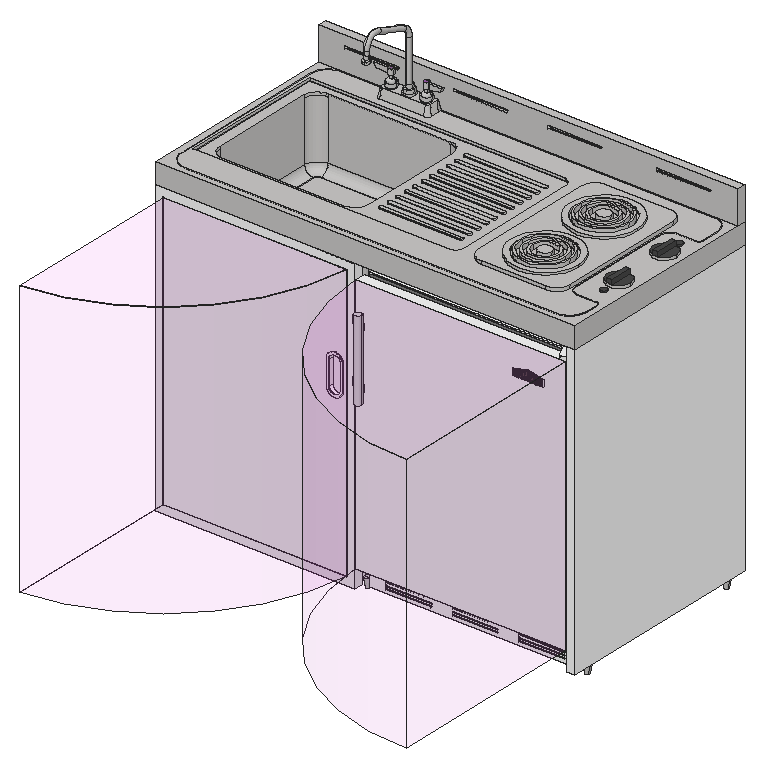
Revit family "QF_Summit_C48EL_Kitchenette", category Specialty Equipment, Revit 2020 (continued)
Automatic sketch dimensions
  curve 6 to curve 21 = 0.45523"
  plane 3 "LEFT" to curve 28 = 2.48357"
  curve 7 to plane 5 "FRONT" = 3/4"
  plane 3 "LEFT" to curve 7 = 2 3/4"
  curve 21 to curve 19 = 1.54477"
  curve 27 to curve 42 = 1"
  curve 41 to curve 41 = 1/2"
  curve 42 to curve 36 = 1/2"
  curve 44 to plane 8 "Center X" = 1/16"
  curve 27 to curve 44 = 6 7/8"
  plane 17 to curve 89 = 4.76643"
  plane 17 to curve 33 = 4.76643"
  plane 17 to curve 147 = 4.3311"
  curve 31 to curve 38 = 1/2"
  curve 33 to curve 87 = 1.18557"
  plane 17 to curve 74 = 2.08086"
  curve 71 to curve 73 = 0"
  curve 77 to curve 74 = 0"
  plane 8 "Center X" to curve 63 = 1.25006"
  curve 63 to curve 70 = 0"
  curve 65 to curve 62 = 0"
  plane 17 to curve 54 = 2.08086"
  curve 81 to curve 79 = 0"
  curve 32 to curve 45 = 1.18557"
  curve 59 to curve 61 = 0"
  curve 49 to curve 45 = 0"
  plane 7 "Center Y" to curve 53 = 5.77658"
  curve 52 to curve 53 = 0"
  curve 57 to curve 55 = 0"
  curve 47 to curve 52 = 0"
  curve 61 to curve 60 = 0"
  curve 80 to curve 63 = 0"
  curve 65 to curve 63 = 0"
  curve 88 to curve 79 = 0"
  curve 69 to curve 67 = 0"
  curve 84 to curve 79 = 0"
  curve 73 to curve 72 = 0"
  curve 87 to curve 26 = 0.55365"
  curve 46 to curve 23 = 0.55365"
  curve 23 to curve 24 = 1"
  curve 24 to curve 91 = 1.44874"
  curve 98 to curve 98 = 1 1/2"
  curve 91 to curve 93 = 1 1/2"
  curve 92 to curve 132 = 3.60818"
  curve 98 to curve 99 = 3.60818"
  curve 99 to curve 96 = 3.64955"
  plane 18 to curve 93 = 5.21331"
  curve 94 to curve 95 = 1 1/2"
  curve 94 to curve 13 = 1/4"
  curve 13 to curve 15 = 1"
  curve 95 to curve 11 = 1 1/4"
  plane 18 to curve 18 = 1 7/8"
  plane 18 to curve 7 = 1 7/8"
  plane 18 to curve 135 = 1.14399"
  plane 18 to curve 145 = 1.14399"
  plane 18 to curve 144 = 1.13087"
  plane 18 to curve 138 = 1.13087"
  plane 18 to curve 15 = 3/8"
  plane 18 to curve 10 = 3/8"
  curve 9 to plane 18 = 1/8"
  curve 17 to plane 18 = 1/8"
  plane 5 "FRONT" to curve 147 = 9.94855"
  curve 148 to curve 20 = 0.71169"
  curve 93 to plane 5 "FRONT" = 3.59285"
  curve 6 to curve 21 = 1.08389"
  curve 9 to curve 10 = 1.34658"
  curve 34 to plane 5 "FRONT" = 4 1/2"
  curve 33 to curve 87 = 0.12506"
  curve 88 to curve 88 = 0.21452"
  curve 12 to curve 146 = 1.05204"
  curve 85 to curve 83 = 0.75847"
  curve 83 to curve 84 = 0.21452"
  curve 124 to plane 8 "Center X" = 3.9596"
  curve 81 to curve 79 = 0.75847"
  curve 80 to curve 80 = 0.21452"
  curve 145 to curve 144 = 2.11677"
  curve 78 to curve 75 = 0.82097"
  curve 76 to curve 76 = 0.21452"
  curve 73 to curve 71 = 0.69597"
  curve 71 to curve 72 = 0.21452"
  plane 8 "Center X" to curve 67 = 0.12506"
  curve 68 to curve 68 = 0.21452"
  curve 63 to curve 62 = 0.21452"
  curve 61 to curve 59 = 0.75847"
  curve 59 to curve 60 = 0.21452"
  plane 8 "Center X" to curve 137 = 3.23461"
  curve 57 to curve 55 = 0.75847"
  curve 55 to curve 56 = 0.21452"
  plane 8 "Center X" to curve 100 = 4.3346"
  curve 53 to curve 51 = 0.75847"
  curve 51 to curve 52 = 0.21452"
  curve 137 to curve 135 = 2.11677"
  curve 135 to curve 13 = 0.24515"
  curve 28 to curve 19 = 3 1/8"
  curve 49 to curve 39 = 0.63341"
  curve 52 to curve 45 = 0.82097"
  curve 48 to curve 48 = 0.21452"
  curve 46 to curve 23 = 0.7173"
  curve 15 to curve 95 = 1.06418"
  plane 3 "LEFT" to curve 147 = 15/16"
  curve 30 to curve 43 = 0.1852"
  curve 90 to curve 30 = 0"
  curve 30 to curve 89 = 5/8"
  curve 90 to curve 40 = 5/8"
  curve 118 to curve 92 = 0.14182"
  curve 100 to curve 98 = 0.14182"
  curve 117 to curve 119 = 0.60587"
  curve 99 to curve 102 = 0.60587"
  curve 101 to curve 103 = 0.3026"
  curve 119 to curve 122 = 0.3026"
  curve 103 to curve 106 = 0.19427"
  curve 121 to curve 124 = 0.19427"
  curve 105 to curve 108 = 0.39726"
  curve 123 to curve 126 = 0.39726"
  curve 125 to curve 127 = 1/4"
  curve 107 to curve 110 = 1/4"
  curve 109 to curve 111 = 0.4162"
  curve 127 to curve 129 = 0.4162"
  curve 129 to curve 132 = 0.23743"
  curve 111 to curve 113 = 0.23743"
  curve 113 to curve 115 = 0.59637"
  curve 131 to curve 133 = 0.59637"
  curve 138 to curve 137 = 1.31391"
  curve 144 to curve 143 = 1.31391"
  curve 135 to curve 135 = 0.34597"
  curve 146 to curve 145 = 0.34597"
  curve 146 to curve 141 = 0.09346"
  curve 139 to curve 137 = 17/64"
  curve 141 to curve 142 = 17/32"
  curve 139 to curve 140 = 17/32"
  curve 43 to curve 43 = 1"
  plane 17 to Extrusion 35 sketch curve = 0"
  plane 18 to Extrusion 35 sketch curve = 0"
  Extrusion 35 sketch curve to plane 10 = 4 3/4"
  plane 11 to Extrusion 35 sketch curve = 4 3/4"
  radius of Extrusion 26 sketch curve = 3 3/4"  (x2)
  radius of Extrusion 26 sketch curve = 3.14413"  (x2)
  radius of Extrusion 27 sketch curve to Extrusion 26 = 0.3026"  (x2)
  radius of Extrusion 27 sketch curve to Extrusion 26 = 0.49687"  (x2)
  radius of Extrusion 27 sketch curve to Extrusion 26 = 0.89413"  (x2)
  radius of Extrusion 27 sketch curve to Extrusion 26 = 1.14413"  (x2)
  radius of Extrusion 27 sketch curve to Extrusion 26 = 1.56032"  (x2)
  radius of Extrusion 27 sketch curve to Extrusion 26 = 1.79775"  (x2)
  radius of Extrusion 27 sketch curve to Extrusion 26 = 2.39413"  (x2)
  radius of Extrusion 29 sketch curve = 3 3/4"  (x2)
  radius of Extrusion 29 sketch curve = 3.14413"  (x2)
  radius of Extrusion 30 sketch curve to Extrusion 29 = 0.3026"  (x2)
  radius of Extrusion 30 sketch curve to Extrusion 29 = 0.49687"  (x2)
  radius of Extrusion 30 sketch curve to Extrusion 29 = 0.89413"  (x2)
  radius of Extrusion 30 sketch curve to Extrusion 29 = 1.14413"  (x2)
  radius of Extrusion 30 sketch curve to Extrusion 29 = 1.56032"  (x2)
  radius of Extrusion 30 sketch curve to Extrusion 29 = 1.79775"  (x2)
  radius of Extrusion 30 sketch curve to Extrusion 29 = 2.39413"  (x2)
  radius of Extrusion 14 sketch curve = 1/8"
  radius of Extrusion 19 sketch curve to Extrusion 3 = 0"  (x3)
  radius of Extrusion 20 sketch curve = 1"
  radius of Extrusion 31 sketch curve = 1.31391"  (x2)
  radius of Extrusion 32 sketch curve to Extrusion 31 = 0"  (x4)
  radius of Extrusion 33 sketch curve = 0.34597"  (x2)
Nested families (in)
  nested 1: "CG_FISHER_TYPE 4" at (8, -1, 36.375), type "CG_FISHER_TYPE 4"
    with Type Mark "", Specification by User "", Revision Code "", Item Number "", Installed By "", Identify Quantity as Lot yes, Furnished By "", Foodservice Equipment Identifier yes
  nested 2: "Summit_CT661W" at (22.625, -0.25, 0), Left Hinged Door <- "Show LHD", type "Summit_CT661W"
    with Show Clearance yes, Right Hinged Door yes, Left Hinged Door no
Connectors (in)
  electrical at (45.25484, 0.25, 3.03956), driven by "Volts", driven by "Watts"
    settings: on Extrusion 14, index 2, voltage 115 V, apparent load 2875 VA, apparent load phase1 0 VA, apparent load phase2 0 VA, apparent load phase3 0 VA, power factor 1, load classification "Other", number of poles 1, system type 30, power factor state 1, is connector primary yes, connector utility no, sub classification motor no, connector description "Electrical Connection"
Definition of nested family "CG_FISHER_TYPE 4"
  Parameters (values of type "CG_FISHER_TYPE 4")
    Weight = ""
    URL Manufacturer = ""
    URL Cutsheet = ""
    URL = ""
    Type Mark [instance] = ""
    Specification by User [instance] = ""
    Specification by Manufacturer = ""
    Serial Number = ""
    Seismic Rating = ""
    SMACNA No = ""
    Revision Code [instance] = ""
    Omniclass Number and Title = ""
    NAFEM Spec ID Number = ""
    Model = ""
    MasterSpec. = ""
    Manufacturer = ""
    Item Number [instance] = ""
    Installed By [instance] = ""
    Identify Quantity as Lot [instance] = yes
    Furnished By [instance] = ""
    Foodservice Equipment Identifier [instance] = yes
    Default Elevation = 0"
    CSI MasterFormat = ""
    CSI Master Format = ""
  Reference planes (in)
    plane 1 "BACK": y = 0
    plane 2: z = 0
    plane 3 "LEFT": x = 0
    plane 4 "RIGHT": x = 6
    plane 5 "FRONT": y = -2
    plane 6 "TOP": z = 9.5
    plane 7: x = 3
    plane 8: x = 1
    plane 9: x = 5
    plane 10: z = 6.75
    plane 11: y = -1
    plane 12: y = -7
  Forms (in)
    Blend 1, solid
      base sketch origin (0, 0, 0) x (1, 0, 0) y (0, 1, 0)
        loop
          arc (0.5, 0) -> (0.14645, -0.14645) -> (0, -0.5) r 0.5
          line (0, -0.5) -> (0, -1.5)
          arc (0, -1.5) -> (0.14645, -1.85355) -> (0.5, -2) r 0.5
          line (0.5, -2) -> (5.5, -2)
          arc (5.5, -2) -> (5.85355, -1.85355) -> (6, -1.5) r 0.5
          line (6, -1.5) -> (6, -0.5)
          arc (6, -0.5) -> (5.85355, -0.14645) -> (5.5, 0) r 0.5
          line (5.5, 0) -> (0.5, 0)
      top sketch origin (0, 0, 0) x (1, 0, 0) y (0, 1, 0)
        loop
          line (5.5, -0.25) -> (0.5, -0.25)
          arc (0.5, -0.25) -> (0.32322, -0.32322) -> (0.25, -0.5) r 0.25
          line (0.25, -0.5) -> (0.25, -1.5)
          arc (0.25, -1.5) -> (0.32322, -1.67678) -> (0.5, -1.75) r 0.25
          line (0.5, -1.75) -> (5.5, -1.75)
          arc (5.5, -1.75) -> (5.67678, -1.67678) -> (5.75, -1.5) r 0.25
          line (5.75, -1.5) -> (5.75, -0.5)
          arc (5.75, -0.5) -> (5.67678, -0.32322) -> (5.5, -0.25) r 0.25
      from 0 to 1
    Extrusion 2, solid
      sketch origin (0, -0.09496, -3.5) x (1, 0, 0) y (0, 0, 1)
        loop
          line (4.82421, 6.36488) -> (4.82421, 5.7908) -> (5.75768, 5.80403) -> (6.42048, 5.89366)
          arc (6.42048, 5.89366) -> (6.70947, 6.05462) -> (6.82421, 6.36488) r 0.47687
          line (6.82421, 6.36488) -> (4.82421, 6.36488)
      from 0.77919 to 1.02919
    Revolve 3, solid
      sketch origin (-4.03517, -1, 0) x (1, 0, 0) y (0, 0, 1)
        loop
          line (5.03934, 1) -> (5.03934, 3.02505)
          arc (5.03934, 3.02505) -> (4.87585, 2.98746) -> (4.76133, 2.86488) r 0.2869
          line (4.76133, 2.86488) -> (4.76133, 2.2908) -> (4.87917, 2.2908) -> (4.87917, 1.83261)
          arc (4.87917, 1.83261) -> (4.65407, 1.74222) -> (4.60414, 1.50485) r 0.25731
          line (4.60414, 1.50485) -> (4.45379, 1.50485) -> (4.45379, 1.1768) -> (4.53934, 1.1768) -> (4.53934, 1) -> (5.03934, 1)
        axis (5.03934, 1) -> (5.03934, 3.02505)
      angle from 0 to 360
    Revolve 4, solid
      sketch origin (10.03517, -0.99916, 0) x (-1, 0, 0) y (0, 0, -1)
        loop
          line (5.03934, -1) -> (4.53934, -1) -> (4.53934, -1.1768) -> (4.45379, -1.1768) -> (4.45379, -1.50485) -> (4.60414, -1.50485)
          arc (4.60414, -1.50485) -> (4.65407, -1.74222) -> (4.87917, -1.83261) r 0.25731
          line (4.87917, -1.83261) -> (4.87917, -2.2908) -> (4.76133, -2.2908) -> (4.76133, -2.86488)
          arc (4.76133, -2.86488) -> (4.87585, -2.98746) -> (5.03934, -3.02505) r 0.2869
          line (5.03934, -3.02505) -> (5.03934, -1)
        axis (5.03934, -1) -> (5.03934, -3.02505)
      angle from 0 to 360
    Extrusion 5, solid
      sketch origin (6, -0.09496, -3.5) x (-1, 0, 0) y (0, 0, -1)
        loop
          line (4.82421, -6.36488) -> (6.82421, -6.36488)
          arc (6.82421, -6.36488) -> (6.70947, -6.05462) -> (6.42048, -5.89366) r 0.47687
          line (6.42048, -5.89366) -> (5.75768, -5.80403) -> (4.82421, -5.7908) -> (4.82421, -6.36488)
      from 0.77919 to 1.02919
    Revolve 6, solid
      sketch origin (0, -7, 0) x (1, 0, 0) y (0, 0, 1)
        loop
          line (3, 7.59291) -> (2.75, 7.59291) -> (2.75, 7.16874) -> (2.625, 6.95223) -> (2.625, 6.75) -> (3, 6.75) -> (3, 7.59291)
        axis (3, 6.75) -> (3, 7.59291)
      angle from 0 to 360
    Sweep 7, solid
      path origin (3, 0, 0) x (0, 1, 0) y (0, 0, 1)
        loop
          line (-7, 7.59291) -> (-7, 8.04139)
          arc (-7, 8.04139) -> (-6.46697, 9.06533) -> (-5.32247, 9.21601) r 1.25
          line (-5.32247, 9.21601) -> (-1.75198, 7.91645)
          arc (-1.75198, 7.91645) -> (-1.20668, 7.49803) -> (-1, 6.84252) r 1.14286
          line (-1, 6.84252) -> (-1, 2)
      profile origin (3, -7, 7.81715) x (0, -1, 0) y (1, 0, 0)
        loop
          circle (0, 0) r 0.25
    Revolve 8, solid
      sketch origin (8.03517, -0.9375, -3.5) x (-1, 0, 0) y (0, 0, -1)
        loop
          line (5.03934, -4.5) -> (4.40363, -4.5) -> (4.40363, -4.67045) -> (4.50358, -4.67045) -> (4.50358, -5.02398) -> (4.68786, -5.13038) -> (4.68786, -5.5) -> (5.03934, -5.5) -> (5.03934, -4.5)
        axis (5.03934, -4.5) -> (5.03934, -5.5)
      angle from 0 to 360
  Cuts and joins
    joined: Revolve 6, Sweep 7
  Lines and regions (in)
    symbolic lines
      curve 1: line (2.67337, -7.08919, 0) -> (2.67337, -1, 0)
      curve 2: line (3.29837, -7.08919, 0) -> (3.29837, -1, 0)
      curve 3: arc (3.29837, -1, 0) -> (2.98587, -0.6875, 0) -> (2.67337, -1, 0) r 0.3125
      curve 4: arc (3.29837, -1.40113, 0) -> (2.98587, -0.49151, 0) -> (2.67337, -1.40113, 0) r 0.50849
      curve 5: arc (3.29837, -1.5749, 0) -> (3.01791, -0.35019, 0) -> (2.67337, -1.55844, 0) r 0.6486
      curve 6: line (4.38304, -0.63916, 0) -> (5.00804, -0.27831, 0)
      curve 7: line (5.00804, -0.27831, 0) -> (5.63304, -0.63916, 0)
      curve 8: line (5.63304, -0.63916, 0) -> (5.63304, -1.26764, 0)
      curve 9: line (4.38304, -1.36084, 0) -> (4.38304, -0.63916, 0)
      curve 10: line (5.00804, -1.72169, 0) -> (4.38304, -1.36084, 0)
      curve 11: line (5.23435, -1.59103, 0) -> (5.00804, -1.72169, 0)
      curve 12: arc (5.53526, -1.17341, 0) -> (4.61465, -0.60851, 0) -> (5.18402, -1.52636, 0) r 0.555
      curve 13: arc (5.28147, -0.74178, 0) -> (4.74077, -0.73099, 0) -> (4.75156, -1.27169, 0) r 0.375
      curve 14: arc (4.75156, -1.27169, 0) -> (4.84744, -1.34648, 0) -> (4.96221, -1.38665, 0) r 0.375
      curve 15: arc (5.23435, -1.59103, 0) -> (5.11621, -1.46497, 0) -> (4.96221, -1.38665, 0) r 0.5
      curve 16: line (5.22231, -1.58455, 0) -> (6.43111, -2.61867, 0)
      curve 17: arc (6.43111, -2.61867, 0) -> (6.60796, -2.59971, 0) -> (6.62691, -2.42286, 0) r 0.14168
      curve 18: line (5.58934, -1.21683, 0) -> (6.62691, -2.42286, 0)
      curve 19: arc (5.39644, -0.95243, 0) -> (5.47064, -1.10086, 0) -> (5.58934, -1.21683, 0) r 0.5
      curve 20: arc (5.39644, -0.95243, 0) -> (5.35626, -0.83766, 0) -> (5.28147, -0.74178, 0) r 0.375
      curve 21: line (1.62658, -0.63916, 0) -> (1.00158, -0.27831, 0)
      curve 22: line (1.62658, -1.36084, 0) -> (1.62658, -0.63916, 0)
      curve 23: line (1.00158, -1.72169, 0) -> (1.62658, -1.36084, 0)
      curve 24: line (0.77192, -1.58909, 0) -> (1.00158, -1.72169, 0)
      curve 25: line (0.77192, -1.58909, 0) -> (-0.42292, -2.61705, 0)
      curve 26: arc (-0.61721, -2.42277, 0) -> (-0.59834, -2.59818, 0) -> (-0.42292, -2.61705, 0) r 0.1406
      curve 27: line (0.42029, -1.21683, 0) -> (-0.61721, -2.42277, 0)
      curve 28: arc (0.42029, -1.21683, 0) -> (0.53899, -1.10086, 0) -> (0.61319, -0.95243, 0) r 0.5
      curve 29: arc (1.04741, -1.38665, 0) -> (0.89898, -1.46086, 0) -> (0.78301, -1.57955, 0) r 0.5
      curve 30: arc (1.04741, -1.38665, 0) -> (1.16218, -1.34648, 0) -> (1.25806, -1.27169, 0) r 0.375
      curve 31: arc (1.25806, -1.27169, 0) -> (1.26885, -0.73099, 0) -> (0.72816, -0.74178, 0) r 0.375
      curve 32: arc (0.72816, -0.74178, 0) -> (0.65337, -0.83766, 0) -> (0.61319, -0.95243, 0) r 0.375
      curve 33: circle (1.00158, -1, 0) r 0.225 normal (0, 0, 1)
      curve 34: line (1.00158, -0.27831, 0) -> (0.37658, -0.63916, 0)
      curve 35: line (0.37658, -0.63916, 0) -> (0.37658, -1.26764, 0)
      curve 36: arc (0.82561, -1.52636, 0) -> (1.39498, -0.60851, 0) -> (0.47437, -1.17341, 0) r 0.555
      curve 37: arc (2.67337, -6.68325, 0) -> (2.98587, -7.60148, 0) -> (3.29837, -6.68325, 0) r 0.51229
      curve 38: arc (2.67337, -7.08919, 0) -> (2.98587, -7.40169, 0) -> (3.29837, -7.08919, 0) r 0.3125
      curve 39: line (3.29837, -2, 0) -> (5.51871, -2, 0)
      curve 40: line (6, -1.5, 0) -> (6, -0.5, 0)
      curve 41: line (5.5, 0, 0) -> (0.5, 0, 0)
      curve 42: line (0, -0.5, 0) -> (0, -1.5, 0)
      curve 43: line (0.5, -2, 0) -> (2.67337, -2, 0)
      curve 44: line (0.58489, -1.75, 0) -> (2.67337, -1.75, 0)
      curve 45: line (3.29837, -1.75, 0) -> (5.41571, -1.75, 0)
      curve 46: line (0.5, -0.25, 0) -> (5.5, -0.25, 0)
      curve 47: arc (5.75, -0.5, 0) -> (5.67678, -0.32322, 0) -> (5.5, -0.25, 0) r 0.25
      curve 48: arc (0.5, -0.25, 0) -> (0.32322, -0.32322, 0) -> (0.25, -0.5, 0) r 0.25
      curve 49: line (0.25, -1.41477, 0) -> (0.25, -0.5, 0)
      curve 50: line (5.75, -0.5, 0) -> (5.75, -1.40358, 0)
      curve 51: line (0.05911, -1.63665, 0) -> (0, -1.5, 0)
      curve 52: line (0.5, -2, 0) -> (0.35546, -1.94739, 0)
      curve 53: line (5.64118, -1.94289, 0) -> (5.51871, -2, 0)
      curve 54: line (5.94504, -1.63028, 0) -> (6, -1.5, 0)
      curve 55: arc (5.5, 0, 0) -> (5.85355, -0.14645, 0) -> (6, -0.5, 0) r 0.5
      curve 56: arc (0, -0.5, 0) -> (0.14645, -0.14645, 0) -> (0.5, 0, 0) r 0.5
      curve 57: circle (4.99842, -1, 0) r 0.225 normal (0, 0, -1)
  Dimensions and locks (in)
    equal spacing: plane 4 "RIGHT", plane 7, plane 3 "LEFT"
    plane 6 "TOP" to plane 2 = 9 1/2"
    aligned and locked: level to plane 2
  Automatic sketch dimensions
    Blend 1 sketch curve to plane 3 "LEFT" = 0"
    plane 5 "FRONT" to Blend 1 sketch curve = 0"
    plane 1 "BACK" to Blend 1 sketch curve = 0"
    Blend 1 sketch curve to plane 4 "RIGHT" = 0"
    plane 3 "LEFT" to Blend 1 sketch curve = 1/2"  (x2)
    Blend 1 sketch curve to plane 4 "RIGHT" = 1/2"  (x3)
    plane 1 "BACK" to Blend 1 sketch curve = 1/2"  (x2)
    plane 3 "LEFT" to Blend 1 sketch curve = 1/4"
    Blend 1 sketch curve to Blend 1 sketch curve = 1/4"  (x3)
    Blend 1 sketch curve to plane 5 "FRONT" = 1/4"
    plane 9 to Extrusion 2 sketch curve = 45/256"
    Extrusion 2 sketch curve to plane 4 "RIGHT" = 0.24232"
    plane 4 "RIGHT" to Extrusion 2 sketch curve = 0.34735"
    plane 4 "RIGHT" to Extrusion 2 sketch curve = 0.42048"
    Extrusion 2 sketch curve to plane 10 = 3.88512"
    Extrusion 2 sketch curve to Extrusion 2 sketch curve = 0.47687"
    Extrusion 2 sketch curve to Extrusion 2 sketch curve = 0.08963"
    Extrusion 2 sketch curve to Extrusion 2 sketch curve = 0.57408"
    plane 8 to Extrusion 5 sketch curve = 45/256"
    plane 3 "LEFT" to Extrusion 5 sketch curve = 0.24232"
    Extrusion 5 sketch curve to plane 3 "LEFT" = 0.34735"
    Extrusion 5 sketch curve to plane 3 "LEFT" = 0.42048"
    Extrusion 5 sketch curve to plane 10 = 3.88512"
    Extrusion 5 sketch curve to Extrusion 5 sketch curve = 0.47687"
    Extrusion 5 sketch curve to Extrusion 5 sketch curve = 0.08963"
    Extrusion 5 sketch curve to Extrusion 5 sketch curve = 0.57408"
    Revolve 6 sketch curve to plane 10 = 0"
    plane 7 to Revolve 6 sketch curve = 0"  (x2)
    Revolve 6 sketch curve to Revolve 6 sketch curve = 1/4"
    Revolve 6 sketch curve to Revolve 6 sketch curve = 1/8"
    plane 10 to Revolve 6 sketch curve = 0.20223"
    Revolve 6 sketch curve to Revolve 6 sketch curve = 0.21651"
    Revolve 6 sketch curve to Revolve 6 sketch curve = 0.42418"
    Revolve 6 sketch curve to Revolve 6 sketch curve = 0.09934"
    Revolve 6 sketch curve to Revolve 6 sketch curve = 0.33586"
    plane 7 to Revolve 8 sketch curve = 0.63154"
    Revolve 8 sketch curve to Revolve 8 sketch curve = 0.09994"
    Revolve 8 sketch curve to Revolve 8 sketch curve = 0.18428"
    Revolve 8 sketch curve to plane 7 = 0.00417"  (x2)
    Revolve 8 sketch curve to plane 10 = 3.2092"
    Revolve 8 sketch curve to plane 10 = 4 3/4"
    Revolve 8 sketch curve to Revolve 8 sketch curve = 0.5408"
    Revolve 8 sketch curve to Revolve 8 sketch curve = 0.36962"
    Revolve 8 sketch curve to Revolve 8 sketch curve = 0.1064"
    Revolve 8 sketch curve to Revolve 8 sketch curve = 0.35353"
    Revolve 8 sketch curve to Revolve 8 sketch curve = 0.17045"
    Revolve 3 sketch curve to plane 8 = 0.0161"
    Revolve 3 sketch curve to plane 8 = 0.156"
    Revolve 3 sketch curve to plane 8 = 0.18399"
    Revolve 3 sketch curve to Revolve 3 sketch curve = 0.11783"
    Revolve 3 sketch curve to Revolve 3 sketch curve = 0.24704"
    Revolve 3 sketch curve to plane 8 = 0.49583"
    Revolve 3 sketch curve to Revolve 3 sketch curve = 0.08555"
    plane 8 to Revolve 3 sketch curve = 0.00417"  (x2)
    level to Revolve 3 sketch curve = 1"
    Revolve 3 sketch curve to Revolve 3 sketch curve = 0.1768"
    Revolve 3 sketch curve to Revolve 3 sketch curve = 0.32805"
    Revolve 3 sketch curve to Revolve 3 sketch curve = 0.07197"
    Revolve 3 sketch curve to Revolve 3 sketch curve = 0.45819"
    Revolve 3 sketch curve to Revolve 3 sketch curve = 1/4"
    Revolve 3 sketch curve to Revolve 3 sketch curve = 0.19807"
    Revolve 3 sketch curve to Revolve 3 sketch curve = 0.12601"
    plane 10 to Revolve 3 sketch curve = 0.2908"
    Revolve 4 sketch curve to plane 9 = 0.0161"
    Revolve 4 sketch curve to plane 9 = 0.156"
    Revolve 4 sketch curve to plane 9 = 0.18399"
    Revolve 4 sketch curve to plane 9 = 0.27384"
    Revolve 4 sketch curve to Revolve 4 sketch curve = 0.24704"
    Revolve 4 sketch curve to plane 9 = 0.49583"
    Revolve 4 sketch curve to Revolve 4 sketch curve = 0.08555"
    plane 9 to Revolve 4 sketch curve = 0.00417"  (x2)
    level to Revolve 4 sketch curve = 1"
    Revolve 4 sketch curve to Revolve 4 sketch curve = 0.1768"
    Revolve 4 sketch curve to Revolve 4 sketch curve = 0.32805"
    Revolve 4 sketch curve to Revolve 4 sketch curve = 0.07197"
    Revolve 4 sketch curve to Revolve 4 sketch curve = 0.45819"
    Revolve 4 sketch curve to Revolve 4 sketch curve = 1/4"
    Revolve 4 sketch curve to Revolve 4 sketch curve = 0.19807"
    Revolve 4 sketch curve to Revolve 4 sketch curve = 0.12601"
    plane 10 to Revolve 4 sketch curve = 0.2908"
    curve 3 to curve 4 = 0"  (x2)
    curve 30 to curve 32 = 0"  (x2)
    curve 33 to curve 36 = 0"  (x2)
    curve 37 to curve 38 = 0"  (x2)
    curve 47 to curve 55 = 0"  (x2)
    curve 48 to curve 56 = 0"  (x2)
    curve 42 to plane 3 "LEFT" = 0"
    plane 5 "FRONT" to curve 43 = 0"
    plane 1 "BACK" to curve 56 = 0"
    curve 36 to plane 11 = 0"
    curve 3 to plane 11 = 0"
    plane 5 "FRONT" to curve 39 = 0"
    curve 57 to plane 11 = 0"
    curve 12 to plane 11 = 0"
    curve 54 to plane 4 "RIGHT" = 0"
    curve 26 to plane 3 "LEFT" = 0.42292"
    curve 26 to curve 25 = 0.07599"
    curve 27 to curve 26 = 0.11829"
    plane 3 "LEFT" to curve 51 = 0.05911"
    plane 3 "LEFT" to curve 28 = 0.13506"
    curve 56 to curve 49 = 1/4"
    curve 52 to plane 5 "FRONT" = 0.05261"
    plane 3 "LEFT" to curve 52 = 91/256"
    curve 49 to curve 35 = 0.12658"
    curve 35 to curve 28 = 0.04371"
    curve 28 to curve 36 = 0.05408"
    curve 52 to curve 43 = 37/256"
    curve 48 to curve 46 = 1/4"
    curve 43 to curve 44 = 0.08489"
    plane 11 to curve 28 = 0.04757"
    curve 36 to curve 28 = 0.13882"
    curve 28 to curve 32 = 0.11497"
    curve 24 to plane 8 = 0.22808"
    curve 24 to curve 29 = 0.01109"
    curve 29 to curve 36 = 0.0426"
    curve 32 to plane 8 = 0.01747"
    plane 8 to curve 36 = 0.00158"
    plane 8 to curve 21 = 0.00158"
    plane 8 to curve 23 = 0.00158"
    plane 8 to curve 31 = 0.00369"
    plane 8 to curve 30 = 0.04741"
    plane 8 to curve 29 = 0.19367"
    curve 29 to curve 31 = 0.21065"
    plane 8 to curve 22 = 0.62658"
    curve 1 to plane 12 = 0.08919"
    curve 1 to plane 7 = 0.32663"
    curve 37 to plane 7 = 0.01413"
    plane 7 to curve 5 = 0.00083"
    plane 9 to curve 6 = 0.61696"
    plane 9 to curve 13 = 0.24844"
    plane 9 to curve 15 = 0.18405"
    plane 9 to curve 15 = 0.03779"
    plane 9 to curve 57 = 0.00158"
    plane 11 to curve 13 = 0.00384"
    curve 13 to plane 9 = 0.00594"
    curve 11 to plane 9 = 0.00804"
    curve 7 to plane 9 = 0.00804"
    curve 13 to curve 12 = 0.00211"
    curve 12 to curve 20 = 0.01905"
    curve 20 to curve 14 = 0"
    curve 12 to plane 9 = 0.18402"
    curve 12 to curve 16 = 0.0383"
    curve 16 to curve 15 = 0.01204"
    curve 13 to plane 9 = 0.28147"
    plane 11 to curve 19 = 0.04757"
    curve 13 to curve 19 = 0.11497"
    curve 11 to curve 45 = 0.18136"
    curve 41 to plane 4 "RIGHT" = 1/2"
    curve 45 to curve 39 = 0.103"
    curve 12 to plane 11 = 0.17341"
    curve 20 to curve 12 = 0.13882"
    curve 12 to curve 19 = 0.05408"
    curve 18 to curve 8 = 0.04371"
    curve 53 to plane 5 "FRONT" = 0.05711"
    curve 39 to curve 53 = 0.12247"
    curve 19 to plane 4 "RIGHT" = 0.12544"
    curve 54 to plane 4 "RIGHT" = 0.05496"
    plane 4 "RIGHT" to curve 17 = 0.43111"
    curve 16 to curve 17 = 0.07667"
    curve 17 to curve 18 = 0.11914"
    plane 12 to curve 37 = 0.31675"
    plane 5 "FRONT" to curve 17 = 0.61867"
    plane 5 "FRONT" to curve 26 = 0.61705"
    curve 17 to curve 17 = 0.11914"
    curve 25 to curve 26 = 0.11829"
    curve 15 to plane 5 "FRONT" = 0.13522"
    curve 29 to plane 5 "FRONT" = 0.13522"
    curve 29 to curve 24 = 0.14309"
    curve 15 to curve 10 = 0.14309"
    curve 52 to curve 51 = 0.31074"
    curve 45 to curve 5 = 0.1751"
    curve 44 to curve 5 = 0.19156"
    curve 51 to curve 51 = 0.13665"
    curve 54 to curve 54 = 0.13028"
    curve 5 to curve 4 = 0.15731"
    curve 9 to plane 11 = 0.36084"
    curve 22 to plane 11 = 0.36084"
    curve 29 to curve 30 = 0.11497"
    curve 14 to curve 13 = 0.11497"
    plane 11 to curve 21 = 0.36084"
    plane 11 to curve 6 = 0.36084"
    curve 8 to curve 47 = 0.13916"
    curve 34 to curve 48 = 0.13916"
    plane 1 "BACK" to curve 34 = 0.27831"
    plane 1 "BACK" to curve 7 = 0.27831"
    Sweep 7 sketch curve to profile plane = 0"  (x2)
    Sweep 7 sketch curve to plane 12 = 0"
    Sweep 7 sketch curve to plane 11 = 0"
    plane 12 to Sweep 7 sketch curve = 1 1/4"
    Sweep 7 sketch curve to plane 6 "TOP" = 0.28399"
    Sweep 7 sketch curve to Sweep 7 sketch curve = 0.42753"
    plane 5 "FRONT" to Sweep 7 sketch curve = 0.14286"
    Sweep 7 sketch curve to plane 5 "FRONT" = 0.24802"
    plane 10 to Sweep 7 sketch curve = 1.16645"
    Sweep 7 sketch curve to Sweep 7 sketch curve = 0.44847"
    level to Sweep 7 sketch curve = 2"
    radius of curve 33 = 0.225"
    radius of curve 57 = 0.225"
    radius of Sweep 7 sketch curve = 1/4"
Definition of nested family "Summit_CT661W"
  Parameters (values of type "Summit_CT661W")
    Show Clearance [instance] = yes
    Right Hinged Door [instance] = not(Left Hinged Door)  # yes
    Model = "CT661W"
    Manufacturer = "Summit"
    Length = 23 5/8"
    Left Hinged Door [instance] = no
    Height = 32 1/4"
    Description = "Refrigerator-Freezer"
    Depth = 23"
    Default Elevation = 0"
  Reference planes (in)
    plane 1: z = 0
    plane 2 "LEFT": x = 0
    plane 3 "RIGHT": x = 23.625
    plane 4 "FRONT": y = -23.75
    plane 5 "TOP": z = 32.25
    plane 6 "Center Y": x = 11.8125
    plane 7 "Center X": y = -12.25
    plane 8 "BACK": y = -0.75
    plane 9 "Base Heigth": z = 0.375
    plane 10: y = -46.125
    plane 11: z = 32.625
  Forms (in)
    Extrusion 1, solid
      sketch origin (0, 0, 0) x (1, 0, 0) y (0, 1, 0)
        loop
          line (0, -2) -> (0, -21.75) -> (23.625, -21.75) -> (23.625, -2) -> (0, -2)
      from 0.375 to 32.25
    Extrusion 2, solid
      sketch origin (0, 0, 1.125) x (-1, 0, 0) y (0, -1, 0)
        loop
          line (0, 22.5) -> (0, 23.75) -> (-23.625, 23.75) -> (-23.625, 22.5) -> (0, 22.5)
      from 1.9375 to 31.125
    Extrusion 3, solid
      sketch origin (0.125, -2, 0) x (1, 0, 0) y (0, 0, -1)
        loop
          circle (17.5, -1.375) r 0.25
      from 0 to 0.0625
    Extrusion 4, solid, visible <- "Right Hinged Door"
      sketch origin (0, 0, 32.25) x (1, 0, 0) y (0, 1, 0)
        loop
          line (23.40263, -19.21924) -> (20.90263, -19.21924)
          arc (20.90263, -19.21924) -> (20.79649, -19.27822) -> (20.79051, -19.39949) r 0.125
          line (20.79051, -19.39949) -> (22.81626, -23.51001)
          arc (22.81626, -23.51001) -> (23.23774, -23.70945) -> (23.52763, -23.34424) r 0.375
          line (23.52763, -23.34424) -> (23.52763, -19.34424)
          arc (23.52763, -19.34424) -> (23.49102, -19.25585) -> (23.40263, -19.21924) r 0.125
      from 0.375 to 0
    Revolve 5, solid
      sketch origin (0, -18.75, 0) x (1, 0, 0) y (0, 0, 1)
        loop
          line (20.625, 0.375) -> (20.625, 0) -> (21.125, 0) -> (21.125, 0.25) -> (20.78125, 0.25) -> (20.78125, 0.375) -> (20.625, 0.375)
        axis (20.625, 0) -> (20.625, 0.375)
      angle from 0 to 360
    Revolve 6, solid
      sketch origin (0, -5, 0) x (1, 0, 0) y (0, 0, 1)
        loop
          line (20.625, 0.375) -> (20.625, 0) -> (21.125, 0) -> (21.125, 0.25) -> (20.78125, 0.25) -> (20.78125, 0.375) -> (20.625, 0.375)
        axis (20.625, 0) -> (20.625, 0.375)
      angle from 0 to 360
    Extrusion 7, solid, visible <- "Right Hinged Door"
      sketch origin (0, 0, 0.375) x (-1, 0, 0) y (0, -1, 0)
        loop
          line (-23.625, 46.11391) -> (-23.625, 23.75) -> (0.00412, 23.75)
          arc (0.00412, 23.75) -> (-7.15509, 39.85068) -> (-23.625, 46.11391) r 22.92272
      from 2.6875 to 31.875
    Extrusion 8, solid
      sketch origin (23.5, -21.75, 0) x (-1, 0, 0) y (0, 0, -1)
        loop
          line (0.0625, -32.0625) -> (23.25, -32.0625) -> (23.25, -3.9375) -> (0.0625, -3.9375) -> (0.0625, -32.0625)
      from 0 to 0.75
    Extrusion 9, solid, visible <- "Right Hinged Door"
      sketch origin (0, 0, 32.25) x (-1, 0, 0) y (0, -1, 0)
        loop
          circle (-1.25, 25) r 0.375
      from -11.5 to -2.5
    Extrusion 10, solid, visible <- "Right Hinged Door"
      sketch origin (0, 0, 32.25) x (-1, 0, 0) y (0, -1, 0)
        loop
          line (-1.5, 24.72049) -> (-1.5, 24.56699)
          arc (-1.5, 24.56699) -> (-1.37941, 24.51704) -> (-1.25, 24.5) r 0.5
          arc (-1.25, 24.5) -> (-1.12181, 24.51671) -> (-1.00219, 24.56573) r 0.5
          arc (-1.00219, 24.56573) -> (-0.94801, 24.57877) -> (-0.89527, 24.56079) r 0.1
          line (-0.89527, 24.56079) -> (-0.04264, 23.96378)
          arc (-0.04264, 23.96378) -> (-0.0113, 23.92804) -> (0, 23.88186) r 0.1
          line (0, 23.88186) -> (0, 22.88186) -> (0.125, 22.88186) -> (0.125, 23.94693)
          arc (0.125, 23.94693) -> (0.1137, 23.99311) -> (0.08236, 24.02885) r 0.1
          line (0.08236, 24.02885) -> (-0.96185, 24.76001)
          arc (-0.96185, 24.76001) -> (-1.22254, 24.62601) -> (-1.5, 24.72049) r 0.375
      from -4.25 to -3.5
    Extrusion 11, solid, visible <- "Right Hinged Door"
      sketch origin (0, 0, 26) x (-1, 0, 0) y (0, -1, 0)
        loop
          line (-1.5, 24.72049) -> (-1.5, 24.56699)
          arc (-1.5, 24.56699) -> (-1.37941, 24.51704) -> (-1.25, 24.5) r 0.5
          arc (-1.25, 24.5) -> (-1.12181, 24.51671) -> (-1.00219, 24.56573) r 0.5
          arc (-1.00219, 24.56573) -> (-0.94801, 24.57877) -> (-0.89527, 24.56079) r 0.1
          line (-0.89527, 24.56079) -> (-0.04264, 23.96378)
          arc (-0.04264, 23.96378) -> (-0.0113, 23.92804) -> (0, 23.88186) r 0.1
          line (0, 23.88186) -> (0, 22.88186) -> (0.125, 22.88186) -> (0.125, 23.94693)
          arc (0.125, 23.94693) -> (0.1137, 23.99311) -> (0.08236, 24.02885) r 0.1
          line (0.08236, 24.02885) -> (-0.96185, 24.76001)
          arc (-0.96185, 24.76001) -> (-1.22254, 24.62601) -> (-1.5, 24.72049) r 0.375
      from -4.25 to -3.5
    Revolve 12, solid
      sketch origin (23.625, -18.75, 0) x (-1, 0, 0) y (0, 0, -1)
        loop
          line (20.625, -0.375) -> (20.78125, -0.375) -> (20.78125, -0.25) -> (21.125, -0.25) -> (21.125, 0) -> (20.625, 0) -> (20.625, -0.375)
        axis (20.625, 0) -> (20.625, -0.375)
      angle from 0 to 360
    Revolve 13, solid
      sketch origin (23.625, -5, 0) x (-1, 0, 0) y (0, 0, -1)
        loop
          line (20.625, -0.375) -> (20.78125, -0.375) -> (20.78125, -0.25) -> (21.125, -0.25) -> (21.125, 0) -> (20.625, 0) -> (20.625, -0.375)
        axis (20.625, 0) -> (20.625, -0.375)
      angle from 0 to 360
    Extrusion 14, solid
      sketch origin (23.5, -21.75, 0) x (-1, 0, 0) y (0, 0, -1)
        loop
          line (23.5, -2.8125) -> (23.5, -0.375) -> (-0.125, -0.375) -> (-0.125, -2.8125) -> (23.5, -2.8125)
        loop
          line (21.6875, -2.46875) -> (16.4375, -2.46875) -> (16.4375, -2.65625) -> (21.6875, -2.65625) -> (21.6875, -2.46875)
        loop
          line (21.6875, -2.125) -> (16.4375, -2.125) -> (16.4375, -2.3125) -> (21.6875, -2.3125) -> (21.6875, -2.125)
        loop
          line (16.4375, -1.96875) -> (21.6875, -1.96875) -> (21.6875, -1.78125) -> (16.4375, -1.78125) -> (16.4375, -1.96875)
        loop
          line (16.4375, -1.625) -> (21.6875, -1.625) -> (21.6875, -1.4375) -> (16.4375, -1.4375) -> (16.4375, -1.625)
        loop
          line (16.4375, -1.28125) -> (21.6875, -1.28125) -> (21.6875, -1.09375) -> (16.4375, -1.09375) -> (16.4375, -1.28125)
        loop
          line (16.4375, -0.9375) -> (21.6875, -0.9375) -> (21.6875, -0.75) -> (16.4375, -0.75) -> (16.4375, -0.9375)
        loop
          line (14.1875, -2.46875) -> (8.9375, -2.46875) -> (8.9375, -2.65625) -> (14.1875, -2.65625) -> (14.1875, -2.46875)
        loop
          line (8.9375, -2.3125) -> (14.1875, -2.3125) -> (14.1875, -2.125) -> (8.9375, -2.125) -> (8.9375, -2.3125)
        loop
          line (8.9375, -1.96875) -> (14.1875, -1.96875) -> (14.1875, -1.78125) -> (8.9375, -1.78125) -> (8.9375, -1.96875)
        loop
          line (8.9375, -1.625) -> (14.1875, -1.625) -> (14.1875, -1.4375) -> (8.9375, -1.4375) -> (8.9375, -1.625)
        loop
          line (8.9375, -1.28125) -> (14.1875, -1.28125) -> (14.1875, -1.09375) -> (8.9375, -1.09375) -> (8.9375, -1.28125)
        loop
          line (8.9375, -0.9375) -> (14.1875, -0.9375) -> (14.1875, -0.75) -> (8.9375, -0.75) -> (8.9375, -0.9375)
        loop
          line (6.6875, -2.65625) -> (6.6875, -2.46875) -> (1.4375, -2.46875) -> (1.4375, -2.65625) -> (6.6875, -2.65625)
        loop
          line (6.6875, -2.3125) -> (6.6875, -2.125) -> (1.4375, -2.125) -> (1.4375, -2.3125) -> (6.6875, -2.3125)
        loop
          line (6.6875, -1.96875) -> (6.6875, -1.78125) -> (1.4375, -1.78125) -> (1.4375, -1.96875) -> (6.6875, -1.96875)
        loop
          line (6.6875, -1.625) -> (6.6875, -1.4375) -> (1.4375, -1.4375) -> (1.4375, -1.625) -> (6.6875, -1.625)
        loop
          line (6.6875, -1.28125) -> (6.6875, -1.09375) -> (1.4375, -1.09375) -> (1.4375, -1.28125) -> (6.6875, -1.28125)
        loop
          line (6.6875, -0.9375) -> (6.6875, -0.75) -> (1.4375, -0.75) -> (1.4375, -0.9375) -> (6.6875, -0.9375)
      from 0 to 0.0625
    Extrusion 15, solid
      sketch origin (0, 0, 0.375) x (-1, 0, 0) y (0, -1, 0)
        loop
          line (-0.83946, 1.0625) -> (-1.58946, 1.0625) -> (-1.58946, 0.9375) -> (-0.71446, 0.9375) -> (-0.71446, 1.875) -> (0, 1.875) -> (0, 2) -> (-0.83946, 2) -> (-0.83946, 1.0625)
        loop
          line (-22.84804, 1.0625) -> (-22.84804, 2) -> (-23.625, 2) -> (-23.625, 1.875) -> (-22.97304, 1.875) -> (-22.97304, 0.9375) -> (-22.09804, 0.9375) -> (-22.09804, 1.0625) -> (-22.84804, 1.0625)
      from 3.625 to 31.875
    Extrusion 16, solid
      sketch origin (22.09804, -0.9375, 0.375) x (1, 0, 0) y (0, 0, -1)
        loop
          line (-21.03554, -31.875) -> (0.51871, -31.875) -> (0.51871, -3.625) -> (-21.03554, -3.625) -> (-21.03554, -31.875)
      from 0 to 0.1875
    Extrusion 17, solid, visible <- "Left Hinged Door"
      sketch origin (23.625, 0, 32.25) x (-1, 0, 0) y (0, -1, 0)
        loop
          arc (23.40263, 19.21924) -> (23.49102, 19.25585) -> (23.52763, 19.34424) r 0.125
          line (23.52763, 19.34424) -> (23.52763, 23.34424)
          arc (23.52763, 23.34424) -> (23.23774, 23.70945) -> (22.81626, 23.51001) r 0.375
          line (22.81626, 23.51001) -> (20.79051, 19.39949)
          arc (20.79051, 19.39949) -> (20.79649, 19.27822) -> (20.90263, 19.21924) r 0.125
          line (20.90263, 19.21924) -> (23.40263, 19.21924)
      from 0.375 to 0
    Extrusion 18, solid, visible <- "Left Hinged Door"
      sketch origin (23.625, 0, 0.375) x (1, 0, 0) y (0, 1, 0)
        loop
          arc (-23.625, -46.11391) -> (-7.15509, -39.85068) -> (0.00412, -23.75) r 22.92272
          line (0.00412, -23.75) -> (-23.625, -23.75) -> (-23.625, -46.11391)
      from 2.6875 to 31.875
    Extrusion 19, solid, visible <- "Left Hinged Door"
      sketch origin (23.625, 0, 32.25) x (1, 0, 0) y (0, 1, 0)
        loop
          circle (-1.25, -25) r 0.375
      from -11.5 to -2.5
    Extrusion 20, solid, visible <- "Left Hinged Door"
      sketch origin (23.625, 0, 32.25) x (1, 0, 0) y (0, 1, 0)
        loop
          arc (-1.5, -24.72049) -> (-1.22254, -24.62601) -> (-0.96185, -24.76001) r 0.375
          line (-0.96185, -24.76001) -> (0.08236, -24.02885)
          arc (0.08236, -24.02885) -> (0.1137, -23.99311) -> (0.125, -23.94693) r 0.1
          line (0.125, -23.94693) -> (0.125, -22.88186) -> (0, -22.88186) -> (0, -23.88186)
          arc (0, -23.88186) -> (-0.0113, -23.92804) -> (-0.04264, -23.96378) r 0.1
          line (-0.04264, -23.96378) -> (-0.89527, -24.56079)
          arc (-0.89527, -24.56079) -> (-0.94801, -24.57877) -> (-1.00219, -24.56573) r 0.1
          arc (-1.00219, -24.56573) -> (-1.12181, -24.51671) -> (-1.25, -24.5) r 0.5
          arc (-1.25, -24.5) -> (-1.37941, -24.51704) -> (-1.5, -24.56699) r 0.5
          line (-1.5, -24.56699) -> (-1.5, -24.72049)
      from -4.25 to -3.5
    Extrusion 21, solid, visible <- "Left Hinged Door"
      sketch origin (23.625, 0, 26) x (1, 0, 0) y (0, 1, 0)
        loop
          arc (-1.5, -24.72049) -> (-1.22254, -24.62601) -> (-0.96185, -24.76001) r 0.375
          line (-0.96185, -24.76001) -> (0.08236, -24.02885)
          arc (0.08236, -24.02885) -> (0.1137, -23.99311) -> (0.125, -23.94693) r 0.1
          line (0.125, -23.94693) -> (0.125, -22.88186) -> (0, -22.88186) -> (0, -23.88186)
          arc (0, -23.88186) -> (-0.0113, -23.92804) -> (-0.04264, -23.96378) r 0.1
          line (-0.04264, -23.96378) -> (-0.89527, -24.56079)
          arc (-0.89527, -24.56079) -> (-0.94801, -24.57877) -> (-1.00219, -24.56573) r 0.1
          arc (-1.00219, -24.56573) -> (-1.12181, -24.51671) -> (-1.25, -24.5) r 0.5
          arc (-1.25, -24.5) -> (-1.37941, -24.51704) -> (-1.5, -24.56699) r 0.5
          line (-1.5, -24.56699) -> (-1.5, -24.72049)
      from -4.25 to -3.5
  Lines and regions (in)
    symbolic lines, visible <- "Right Hinged Door"
      curve 1: arc (-0.00418, -23.74759, 0.375) -> (0.95847, -29.79707, 0.375) -> (3.48885, -35.37561, 0.375) r 22.92272
      curve 2: line (23.62918, -23.74759, 0.375) -> (3.48885, -35.37561, 0.375)
      curve 4: line (-0.08236, -24.02885, 0.375) -> (0.96185, -24.76001, 0.375)
      curve 5: line (1.5, -24.72049, 0.375) -> (1.5, -24.56699, 0.375)
      curve 6: arc (1.5, -24.56699, 0.375) -> (1.37941, -24.51704, 0.375) -> (1.25, -24.5, 0.375) r 0.5
      curve 7: arc (1.25, -24.5, 0.375) -> (1.12181, -24.51671, 0.375) -> (1.00219, -24.56573, 0.375) r 0.5
      curve 8: arc (1.00219, -24.56573, 0.375) -> (0.94801, -24.57877, 0.375) -> (0.89527, -24.56079, 0.375) r 0.1
      curve 9: line (0.89527, -24.56079, 0.375) -> (0.04264, -23.96378, 0.375)
      curve 10: arc (0.04264, -23.96378, 0.375) -> (0.0113, -23.92804, 0.375) -> (0, -23.88186, 0.375) r 0.1
      curve 11: line (-0.125, -23.75, 0.375) -> (-0.125, -23.94693, 0.375)
      curve 12: arc (-0.125, -23.94693, 0.375) -> (-0.1137, -23.99311, 0.375) -> (-0.08236, -24.02885, 0.375) r 0.1
      curve 13: arc (0.875, -25, 0.375) -> (1.25, -25.375, 0.375) -> (1.625, -25, 0.375) r 0.375
      curve 14: arc (1.625, -25, 0.375) -> (1.25, -24.625, 0.375) -> (0.875, -25, 0.375) r 0.375
    symbolic lines
      curve 3: line (0, -23.75, 0.375) -> (0, -23.88186, 0.375)
    symbolic lines, visible <- "Left Hinged Door"
      curve 15: arc (23.62918, -23.74759, 0.375) -> (22.66653, -29.79707, 0.375) -> (20.13615, -35.37561, 0.375) r 22.92272
      curve 16: line (0, -23.75, 0.375) -> (20.13615, -35.37561, 0.375)
      curve 17: line (23.70736, -24.02885, 0.375) -> (22.66315, -24.76001, 0.375)
      curve 18: line (22.125, -24.72049, 0.375) -> (22.125, -24.56699, 0.375)
      curve 19: arc (22.125, -24.56699, 0.375) -> (22.24559, -24.51704, 0.375) -> (22.375, -24.5, 0.375) r 0.5
      curve 20: arc (22.375, -24.5, 0.375) -> (22.50319, -24.51671, 0.375) -> (22.62281, -24.56573, 0.375) r 0.5
      curve 21: arc (22.62281, -24.56573, 0.375) -> (22.67699, -24.57877, 0.375) -> (22.72973, -24.56079, 0.375) r 0.1
      curve 22: line (22.72973, -24.56079, 0.375) -> (23.58236, -23.96378, 0.375)
      curve 23: arc (23.58236, -23.96378, 0.375) -> (23.6137, -23.92804, 0.375) -> (23.625, -23.88186, 0.375) r 0.1
      curve 24: line (23.75, -23.75, 0.375) -> (23.75, -23.94693, 0.375)
      curve 25: arc (23.75, -23.94693, 0.375) -> (23.7387, -23.99311, 0.375) -> (23.70736, -24.02885, 0.375) r 0.1
      curve 26: arc (22.75, -25, 0.375) -> (22.375, -25.375, 0.375) -> (22, -25, 0.375) r 0.375
      curve 27: arc (22, -25, 0.375) -> (22.375, -24.625, 0.375) -> (22.75, -25, 0.375) r 0.375
  Dimensions and locks (in)
    equal spacing: plane 2 "LEFT", plane 6 "Center Y", plane 3 "RIGHT"
    "Length": plane 2 "LEFT" to plane 3 "RIGHT"
    equal spacing: plane 4 "FRONT", plane 7 "Center X", plane 8 "BACK"
    "Height": plane 5 "TOP" to level
    plane 3 "RIGHT" to plane 2 "LEFT" = 23 5/8"
    plane 5 "TOP" to level = 32 1/4"
    "Depth": plane 4 "FRONT" to plane 8 "BACK"
    plane 10 to plane 8 "BACK" = 45 3/8"
    plane 9 "Base Heigth" to level = 3/8"
    plane 11 to plane 5 "TOP" = 3/8"
    aligned and locked: level to plane 1
  Automatic sketch dimensions
    Extrusion 1 sketch curve to plane 2 "LEFT" = 0"
    Extrusion 1 sketch curve to plane 3 "RIGHT" = 0"
    Extrusion 1 sketch curve to plane 4 "FRONT" = 2"
    plane 8 "BACK" to Extrusion 1 sketch curve = 1 1/4"
    Extrusion 2 sketch curve to plane 3 "RIGHT" = 0"
    Extrusion 2 sketch curve to plane 2 "LEFT" = 0"
    plane 4 "FRONT" to Extrusion 2 sketch curve = 0"
    Extrusion 2 sketch curve to Extrusion 2 sketch curve = 1 1/4"
    Extrusion 1 to Extrusion 3 sketch curve = 1"
    Extrusion 3 sketch curve to Extrusion 1 = 6"
    Extrusion 4 sketch curve to Extrusion 1 = 2.83449"
    Extrusion 4 sketch curve to Extrusion 4 sketch curve = 0.11212"
    Extrusion 4 sketch curve to Extrusion 1 = 0.80874"
    Extrusion 4 sketch curve to Extrusion 4 sketch curve = 0.33637"
    Extrusion 4 sketch curve to Extrusion 1 = 0.22237"
    Extrusion 4 sketch curve to Extrusion 1 = 0.09737"
    Extrusion 1 to Extrusion 4 sketch curve = 1.76001"
    Extrusion 4 sketch curve to Extrusion 1 = 2.35051"
    Extrusion 4 sketch curve to Extrusion 4 sketch curve = 0.05526"
    Revolve 5 sketch curve to plane 9 "Base Heigth" = 0"  (x2)
    Revolve 5 sketch curve to level = 0"
    plane 3 "RIGHT" to Revolve 5 sketch curve = 3"
    Revolve 5 sketch curve to Revolve 5 sketch curve = 5/32"
    Revolve 5 sketch curve to plane 9 "Base Heigth" = 1/8"
    Revolve 5 sketch curve to Revolve 5 sketch curve = 11/32"
    Revolve 5 sketch curve to Revolve 5 sketch curve = 0"
    plane 9 "Base Heigth" to Revolve 5 sketch curve = 0.83233"
    Revolve 6 sketch curve to plane 9 "Base Heigth" = 0"  (x2)
    Revolve 6 sketch curve to level = 0"
    plane 3 "RIGHT" to Revolve 6 sketch curve = 3"
    Revolve 6 sketch curve to Revolve 6 sketch curve = 5/32"
    Revolve 6 sketch curve to plane 9 "Base Heigth" = 1/8"
    Revolve 6 sketch curve to Revolve 6 sketch curve = 11/32"
    Revolve 6 sketch curve to Revolve 6 sketch curve = 0"
    plane 9 "Base Heigth" to Revolve 6 sketch curve = 0.83233"
    Extrusion 7 sketch curve to plane 3 "RIGHT" = 0"
    plane 4 "FRONT" to Extrusion 7 sketch curve = 0"
    plane 3 "RIGHT" to Extrusion 7 sketch curve = 0.71294"
    Extrusion 7 sketch curve to plane 2 "LEFT" = 0.00412"
    Extrusion 7 sketch curve to plane 4 "FRONT" = 0.54772"
    Extrusion 8 sketch curve to Extrusion 1 = 3/16"
    Extrusion 1 to Extrusion 8 sketch curve = 1/4"
    Extrusion 1 to Extrusion 8 sketch curve = 3/16"
    Extrusion 1 to Extrusion 8 sketch curve = 3 9/16"
    Extrusion 10 sketch curve to Extrusion 10 sketch curve = 0"  (x6)
    Extrusion 10 sketch curve to plane 2 "LEFT" = 0"
    plane 2 "LEFT" to Extrusion 10 sketch curve = 0.04264"
    Extrusion 10 sketch curve to Extrusion 10 sketch curve = 0.05736"  (x2)
    plane 2 "LEFT" to Extrusion 10 sketch curve = 0.89527"
    Extrusion 10 sketch curve to Extrusion 10 sketch curve = 0.06658"
    Extrusion 10 sketch curve to Extrusion 10 sketch curve = 0.28815"
    Extrusion 10 sketch curve to Extrusion 10 sketch curve = 1/4"
    Extrusion 10 sketch curve to plane 2 "LEFT" = 0.025"
    Extrusion 10 sketch curve to plane 2 "LEFT" = 0.08236"
    Extrusion 10 sketch curve to plane 2 "LEFT" = 1/8"
    Extrusion 10 sketch curve to plane 4 "FRONT" = 0.86814"
    plane 4 "FRONT" to Extrusion 10 sketch curve = 0.13186"
    Extrusion 10 sketch curve to Extrusion 10 sketch curve = 0.06507"
    plane 4 "FRONT" to Extrusion 10 sketch curve = 0.72888"
    Extrusion 10 sketch curve to Extrusion 10 sketch curve = 0.08192"
    Extrusion 10 sketch curve to Extrusion 10 sketch curve = 0.08811"
    Extrusion 10 sketch curve to Extrusion 10 sketch curve = 0.1535"
    Extrusion 10 sketch curve to Extrusion 10 sketch curve = 51/256"
    Extrusion 11 sketch curve to Extrusion 11 sketch curve = 0"  (x6)
    Extrusion 11 sketch curve to plane 2 "LEFT" = 0"
    plane 2 "LEFT" to Extrusion 11 sketch curve = 0.04264"
    Extrusion 11 sketch curve to Extrusion 11 sketch curve = 0.05736"  (x2)
    plane 2 "LEFT" to Extrusion 11 sketch curve = 0.89527"
    Extrusion 11 sketch curve to Extrusion 11 sketch curve = 0.06658"
    Extrusion 11 sketch curve to Extrusion 11 sketch curve = 0.28815"
    Extrusion 11 sketch curve to Extrusion 11 sketch curve = 1/4"
    Extrusion 11 sketch curve to plane 2 "LEFT" = 0.025"
    Extrusion 11 sketch curve to plane 2 "LEFT" = 0.08236"
    Extrusion 11 sketch curve to plane 2 "LEFT" = 1/8"
    Extrusion 11 sketch curve to plane 4 "FRONT" = 0.86814"
    plane 4 "FRONT" to Extrusion 11 sketch curve = 0.13186"
    Extrusion 11 sketch curve to Extrusion 11 sketch curve = 0.06507"
    plane 4 "FRONT" to Extrusion 11 sketch curve = 0.72888"
    Extrusion 11 sketch curve to Extrusion 11 sketch curve = 0.08192"
    Extrusion 11 sketch curve to Extrusion 11 sketch curve = 0.08811"
    Extrusion 11 sketch curve to Extrusion 11 sketch curve = 0.1535"
    Extrusion 11 sketch curve to Extrusion 11 sketch curve = 51/256"
    Revolve 12 sketch curve to plane 9 "Base Heigth" = 0"  (x2)
    Revolve 12 sketch curve to level = 0"
    plane 2 "LEFT" to Revolve 12 sketch curve = 3"
    Revolve 12 sketch curve to Revolve 12 sketch curve = 5/32"
    Revolve 12 sketch curve to plane 9 "Base Heigth" = 1/8"
    Revolve 12 sketch curve to Revolve 12 sketch curve = 11/32"
    Revolve 12 sketch curve to Revolve 12 sketch curve = 0"
    plane 9 "Base Heigth" to Revolve 12 sketch curve = 0.83233"
    Revolve 13 sketch curve to plane 9 "Base Heigth" = 0"  (x2)
    Revolve 13 sketch curve to level = 0"
    plane 2 "LEFT" to Revolve 13 sketch curve = 3"
    Revolve 13 sketch curve to Revolve 13 sketch curve = 5/32"
    Revolve 13 sketch curve to plane 9 "Base Heigth" = 1/8"
    Revolve 13 sketch curve to Revolve 13 sketch curve = 11/32"
    Revolve 13 sketch curve to Revolve 13 sketch curve = 0"
    plane 9 "Base Heigth" to Revolve 13 sketch curve = 0.83233"
    Extrusion 14 sketch curve to Extrusion 1 = 0"  (x3)
    Extrusion 1 to Extrusion 14 sketch curve = 3/8"
    Extrusion 14 sketch curve to Extrusion 1 = 1 9/16"
    Extrusion 14 sketch curve to Extrusion 14 sketch curve = 0"  (x30)
    Extrusion 1 to Extrusion 14 sketch curve = 1 19/32"
    Extrusion 14 sketch curve to Extrusion 14 sketch curve = 5 1/4"  (x2)
    Extrusion 1 to Extrusion 14 sketch curve = 9/16"  (x2)
    Extrusion 14 sketch curve to Extrusion 14 sketch curve = 2 1/4"  (x2)
    Extrusion 1 to Extrusion 14 sketch curve = 1 13/32"
    Extrusion 1 to Extrusion 14 sketch curve = 1 13/16"
    Extrusion 14 sketch curve to Extrusion 14 sketch curve = 3/16"  (x15)
    Extrusion 14 sketch curve to Extrusion 14 sketch curve = 1 3/16"
    Extrusion 14 sketch curve to Extrusion 14 sketch curve = 5/32"  (x16)
    Extrusion 15 sketch curve to plane 3 "RIGHT" = 0"
    Extrusion 15 sketch curve to plane 2 "LEFT" = 0"
    plane 8 "BACK" to Extrusion 15 sketch curve = 3/16"
    plane 3 "RIGHT" to Extrusion 15 sketch curve = 0.65196"
    Extrusion 15 sketch curve to Extrusion 15 sketch curve = 1/8"  (x5)
    plane 8 "BACK" to Extrusion 15 sketch curve = 5/16"  (x2)
    Extrusion 15 sketch curve to Extrusion 15 sketch curve = 3/4"  (x2)
    plane 2 "LEFT" to Extrusion 15 sketch curve = 1.58946"
    Extrusion 15 sketch curve to Extrusion 15 sketch curve = 13/16"
    plane 8 "BACK" to Extrusion 15 sketch curve = 1 1/8"
    Extrusion 16 sketch curve to Extrusion 15 = 0"  (x2)
    Extrusion 15 to Extrusion 16 sketch curve = 21.03554"
    Extrusion 15 to Extrusion 16 sketch curve = 0.35629"
    Extrusion 17 sketch curve to Extrusion 1 = 2.83449"
    Extrusion 17 sketch curve to Extrusion 17 sketch curve = 0.11212"
    Extrusion 17 sketch curve to Extrusion 1 = 0.80874"
    Extrusion 17 sketch curve to Extrusion 17 sketch curve = 0.33637"
    Extrusion 17 sketch curve to Extrusion 1 = 0.22237"
    Extrusion 17 sketch curve to Extrusion 1 = 0.09737"
    Extrusion 17 sketch curve to Extrusion 1 = 2.53076"
    Extrusion 17 sketch curve to Extrusion 17 sketch curve = 1/8"
    Extrusion 1 to Extrusion 17 sketch curve = 1.59424"
    Extrusion 18 sketch curve to plane 2 "LEFT" = 0"
    plane 4 "FRONT" to Extrusion 18 sketch curve = 0"
    Extrusion 18 sketch curve to plane 2 "LEFT" = 0.71294"
    plane 3 "RIGHT" to Extrusion 18 sketch curve = 0.00412"
    plane 4 "FRONT" to Extrusion 18 sketch curve = 0.54772"
    Extrusion 19 sketch curve to plane 3 "RIGHT" = 1 1/4"
    Extrusion 19 sketch curve to plane 4 "FRONT" = 1 1/4"
    Extrusion 20 sketch curve to Extrusion 20 sketch curve = 0"  (x6)
    Extrusion 20 sketch curve to plane 3 "RIGHT" = 0"
    plane 3 "RIGHT" to Extrusion 20 sketch curve = 0.04264"
    Extrusion 20 sketch curve to Extrusion 20 sketch curve = 0.05736"  (x2)
    plane 3 "RIGHT" to Extrusion 20 sketch curve = 0.89527"
    Extrusion 20 sketch curve to Extrusion 20 sketch curve = 0.06658"
    Extrusion 20 sketch curve to Extrusion 20 sketch curve = 0.28815"
    Extrusion 20 sketch curve to Extrusion 20 sketch curve = 1/4"
    Extrusion 20 sketch curve to plane 3 "RIGHT" = 0.025"
    Extrusion 20 sketch curve to plane 3 "RIGHT" = 0.08236"
    Extrusion 20 sketch curve to plane 3 "RIGHT" = 1/8"
    plane 4 "FRONT" to Extrusion 20 sketch curve = 1 1/4"
    Extrusion 20 sketch curve to Extrusion 20 sketch curve = 0.23999"
    Extrusion 20 sketch curve to Extrusion 20 sketch curve = 0.1535"
    Extrusion 20 sketch curve to Extrusion 20 sketch curve = 51/256"
    Extrusion 20 sketch curve to Extrusion 20 sketch curve = 0.08192"
    plane 4 "FRONT" to Extrusion 20 sketch curve = 0.27885"
    Extrusion 20 sketch curve to Extrusion 20 sketch curve = 0.01684"
    Extrusion 20 sketch curve to plane 4 "FRONT" = 0.86814"
    Extrusion 21 sketch curve to Extrusion 21 sketch curve = 0"  (x6)
    Extrusion 21 sketch curve to plane 3 "RIGHT" = 0"
    plane 3 "RIGHT" to Extrusion 21 sketch curve = 0.04264"
    Extrusion 21 sketch curve to Extrusion 21 sketch curve = 0.05736"  (x2)
    plane 3 "RIGHT" to Extrusion 21 sketch curve = 0.89527"
    Extrusion 21 sketch curve to Extrusion 21 sketch curve = 0.06658"
    Extrusion 21 sketch curve to Extrusion 21 sketch curve = 0.28815"
    Extrusion 21 sketch curve to Extrusion 21 sketch curve = 1/4"
    Extrusion 21 sketch curve to plane 3 "RIGHT" = 0.025"
    Extrusion 21 sketch curve to plane 3 "RIGHT" = 0.08236"
    Extrusion 21 sketch curve to plane 3 "RIGHT" = 1/8"
    plane 4 "FRONT" to Extrusion 21 sketch curve = 1 1/4"
    Extrusion 21 sketch curve to Extrusion 21 sketch curve = 0.23999"
    Extrusion 21 sketch curve to Extrusion 21 sketch curve = 0.1535"
    Extrusion 21 sketch curve to Extrusion 21 sketch curve = 51/256"
    Extrusion 21 sketch curve to Extrusion 21 sketch curve = 0.08192"
    plane 4 "FRONT" to Extrusion 21 sketch curve = 0.27885"
    Extrusion 21 sketch curve to Extrusion 21 sketch curve = 0.01684"
    Extrusion 21 sketch curve to plane 4 "FRONT" = 0.86814"
    curve 6 to curve 7 = 0"
    curve 6 to curve 13 = 0"  (x2)
    curve 19 to curve 20 = 0"
    curve 19 to curve 26 = 0"  (x2)
    plane 4 "FRONT" to curve 24 = 0"
    curve 23 to plane 3 "RIGHT" = 0"
    curve 10 to plane 2 "LEFT" = 0"
    plane 4 "FRONT" to curve 11 = 0"
    plane 4 "FRONT" to curve 3 = 0"
    curve 2 to plane 4 "FRONT" = 0.00241"
    curve 2 to plane 3 "RIGHT" = 0.00418"
    curve 25 to plane 3 "RIGHT" = 0.025"
    curve 17 to plane 3 "RIGHT" = 0.08236"
    curve 24 to curve 17 = 0.04264"
    plane 3 "RIGHT" to curve 22 = 0.04264"
    curve 22 to curve 23 = 0.05736"
    plane 3 "RIGHT" to curve 1 = 0.71294"
    plane 3 "RIGHT" to curve 22 = 0.89527"
    curve 21 to curve 21 = 0.05736"
    curve 21 to curve 19 = 0.35473"
    curve 19 to curve 18 = 1/4"
    plane 3 "RIGHT" to curve 16 = 3.48885"
